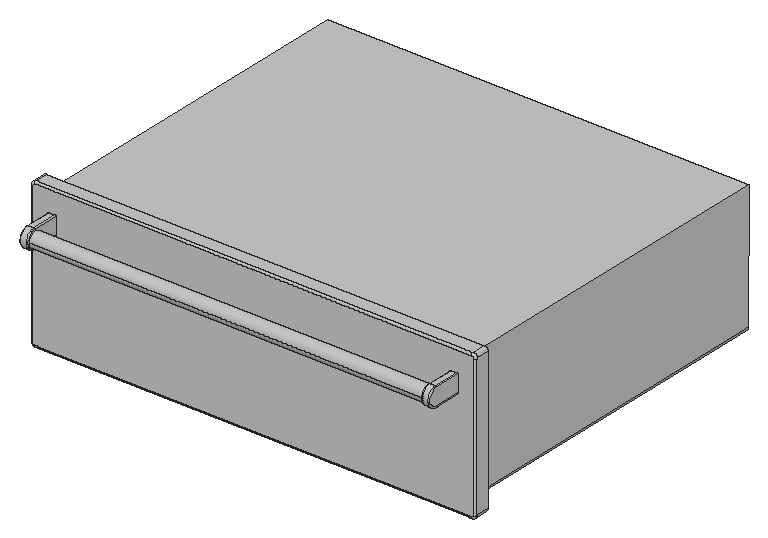
Revit family "M_Gaveta de aquecimento", category Equipamento especial, Revit 2019
Family settings
  Cota do conector redondo = Utilizar diâmetro
  Tipo de parte = Normal
  Número OmniClass = 23.40.40.14
  Título OmniClass = Food Service Equipment
  Com base no plano de trabalho = Não
  Sempre na vertical = Sim
  Corte com vazios quando carregada = Não
  Compartilhado = Não
  Ponto de cálculo do ambiente = Não
Parameters (values of type "750mm")
  Largura = 750 mm
  Embutido = 0 mm
  Voltagem = 120 V
  Type Comments = ""
  Mostrar legenda = yes
  Consumo de energia = 1000 VA
  Legenda = "Aquecimento"
  Altura = 250 mm
  Descrição = "Gaveta de aquecimento"
  Linear = 600 mm
  Código de montagem = "E1090320"
  Acabamento do eletrodoméstico = Eletrodoméstico – Aço inoxidável
  Corpo do eletrodoméstico = Eletrodoméstico – Aço inoxidável
  Amperagem = Consumo de energia / Voltagem  # 8.33333 A
Types (2, lengths in mm): name | Largura
  900mm | 900
  750mm | 750
Reference planes
  plane 1 "Face do armário": y = 0
  plane 2: z = 0
  plane 3 "Centro (Esquerda/Direita)": x = 0
  plane 4 "Esquerda": x = -375
  plane 5 "Direita": x = 375
  plane 6 "Parte posterior": y = 574.6
  plane 7 "Frente da unidade": y = -25.4
  plane 8 "Traseira da porta": y = 0
  plane 9 "Superior": z = 250
  plane 10: z = 196.025
Forms (mm)
  Extrusion 1, solid, material "Eletrodoméstico – Aço inoxidável" <- "Acabamento do eletrodoméstico"
    sketch origin (0, -25.4, 0) x (-1, 0, 0) y (0, 0, 1)
      loop
        line (368.65, 250) -> (-368.65, 250)
        arc (-368.65, 250) -> (-373.14, 248.14) -> (-375, 243.65) r 6.35
        line (-375, 243.65) -> (-375, 6.35)
        arc (-375, 6.35) -> (-373.14, 1.86) -> (-368.65, 0) r 6.35
        line (-368.65, 0) -> (368.65, 0)
        arc (368.65, 0) -> (373.14, 1.86) -> (375, 6.35) r 6.35
        line (375, 6.35) -> (375, 243.65)
        arc (375, 243.65) -> (373.14, 248.14) -> (368.65, 250) r 6.35
    from 0 to 25.4
  Sweep 2, void
    path in 3D
      loop
        arc (368.65, -25.4, 0) -> (373.14, -25.4, 1.86) -> (375, -25.4, 6.35) r 6.35
        line (375, -25.4, 6.35) -> (375, -25.4, 243.65)
        arc (375, -25.4, 243.65) -> (373.14, -25.4, 248.14) -> (368.65, -25.4, 250) r 6.35
        line (368.65, -25.4, 250) -> (-368.65, -25.4, 250)
        arc (-368.65, -25.4, 250) -> (-373.14, -25.4, 248.14) -> (-375, -25.4, 243.65) r 6.35
        line (-375, -25.4, 243.65) -> (-375, -25.4, 6.35)
        arc (-375, -25.4, 6.35) -> (-373.14, -25.4, 1.86) -> (-368.65, -25.4, 0) r 6.35
        line (-368.65, -25.4, 0) -> (368.65, -25.4, 0)
    profile "M_Redondo : 3mm" origin (0, -25.4, 0) x (0, -1, 0) y (0, 0, -1)
      loop
        line (0, 0) -> (-3, 0)
        arc (-3, 0) -> (-0.879, -0.879) -> (0, -3) r 3
        line (0, -3) -> (0, 0)
  Extrusion 3, solid, material "Eletrodoméstico – Aço inoxidável" <- "Corpo do eletrodoméstico"
    sketch origin (0, 0, 0) x (-1, 0, 0) y (0, 0, 1)
      loop
        line (354.464, 235.713) -> (-354.464, 235.713) -> (-354.464, 20.637)
        arc (-354.464, 20.637) -> (-352.604, 16.147) -> (-348.114, 14.287) r 6.35
        line (-348.114, 14.287) -> (348.114, 14.287)
        arc (348.114, 14.287) -> (352.604, 16.147) -> (354.464, 20.637) r 6.35
        line (354.464, 20.637) -> (354.464, 235.713)
    from 0 to 574.6
Cuts and joins
  Sweep 2 cuts Extrusion 1
Lines and regions (mm)
  Masking region 1
    outline origin (0, 0, 0) x (1, 0, 0) y (0, 1, 0)
      loop
        line (375, 0) -> (-375, 0) -> (-375, -25.4) -> (375, -25.4) -> (375, 0)
  Split face 1
    outline origin (0, 574.6, 0) x (-1, 0, 0) y (0, 0, 1)
      loop
        circle (0, 65.228) r 12.7
  symbolic lines, style "Eletrodomésticos"
    curve 1: line (-375, 0, 0) -> (-375, -25.4, 0)
    curve 2: line (375, -25.4, 0) -> (-375, -25.4, 0)
    curve 3: line (375, -25.4, 0) -> (375, 0, 0)
  sketch lines
    curve 4: line (-368.65, -25.4, 0) -> (368.65, -25.4, 0)
    curve 5: arc (375, -25.4, 6.35) -> (373.14, -25.4, 1.86) -> (368.65, -25.4, 0) r 6.35
    curve 6: arc (-368.65, -25.4, 0) -> (-373.14, -25.4, 1.86) -> (-375, -25.4, 6.35) r 6.35
    curve 7: line (-375, -25.4, 243.65) -> (-375, -25.4, 6.35)
    curve 8: arc (-375, -25.4, 243.65) -> (-373.14, -25.4, 248.14) -> (-368.65, -25.4, 250) r 6.35
    curve 9: line (368.65, -25.4, 250) -> (-368.65, -25.4, 250)
    curve 10: arc (368.65, -25.4, 250) -> (373.14, -25.4, 248.14) -> (375, -25.4, 243.65) r 6.35
    curve 11: line (375, -25.4, 6.35) -> (375, -25.4, 243.65)
  symbolic lines, style "Eletrodomésticos – Ocultos"
    curve 12: line (-354.464, 0, 0) -> (-354.464, 574.6, 0)
    curve 13: line (-354.464, 574.6, 0) -> (354.464, 574.6, 0)
    curve 14: line (354.464, 574.6, 0) -> (354.464, 0, 0)
Dimensions and locks
  equal spacing: plane 4 "Esquerda", plane 3 "Centro (Esquerda/Direita)", plane 5 "Direita"
  "Largura": plane 4 "Esquerda" to plane 5 "Direita"
  "Linear": plane 6 "Parte posterior" to plane 7 "Frente da unidade"
  "Altura": plane 9 "Superior" to level
  locked: plane 8 "Traseira da porta" to plane 7 "Frente da unidade" at 25.4
  "Embutido": plane 1 "Face do armário" to plane 8 "Traseira da porta"
  locked: plane 9 "Superior" to Extrusion 3 sketch curve at 14.288
  locked: Extrusion 3 sketch curve to plane 4 "Esquerda" at 20.536
  locked: plane 5 "Direita" to Extrusion 3 sketch curve at 20.536
  locked: level to Extrusion 3 sketch curve at 14.288
  locked: plane 9 "Superior" to plane 10 at 53.975
  equal spacing: plane 6 "Parte posterior", nested 1, plane 1 "Face do armário"
  radius of Extrusion 3 sketch curve = 6.35 mm  (x2)
  aligned and locked: plane 2 to level
  aligned and locked: plane 3 "Centro (Esquerda/Direita)" to nested 1
  aligned and locked: plane 9 "Superior" to Extrusion 1 sketch curve
  aligned and locked: plane 8 "Traseira da porta" to Extrusion 1
  aligned and locked: plane 4 "Esquerda" to Extrusion 1 sketch curve
  aligned and locked: Extrusion 1 sketch curve to plane 5 "Direita"
  aligned and locked: nested 2 to plane 7 "Frente da unidade"
  aligned and locked: plane 3 "Centro (Esquerda/Direita)" to nested 2
  aligned and locked: plane 6 "Parte posterior" to Extrusion 3
  aligned and locked: plane 8 "Traseira da porta" to Masking region 1 sketch curve
  aligned and locked: plane 7 "Frente da unidade" to Masking region 1 sketch curve
  aligned and locked: plane 5 "Direita" to Masking region 1 sketch curve
  aligned and locked: plane 4 "Esquerda" to Masking region 1 sketch curve
  aligned and locked: Extrusion 1 sketch curve to level
  aligned and locked: plane 10 to nested 2
  aligned and locked: plane 3 "Centro (Esquerda/Direita)" to Split face 1 sketch curve
  aligned and locked: plane 8 "Traseira da porta" to curve 3
  aligned and locked: plane 7 "Frente da unidade" to curve 3
  aligned and locked: plane 8 "Traseira da porta" to curve 1
  aligned and locked: plane 7 "Frente da unidade" to curve 1
Automatic sketch dimensions
  Extrusion 1 sketch curve to plane 5 "Direita" = 6.35 mm
  level to Extrusion 1 sketch curve = 6.35 mm  (x2)
  plane 4 "Esquerda" to Extrusion 1 sketch curve = 6.35 mm
  Split face 1 sketch curve to Extrusion 3 = 50.94 mm
  curve 2 to plane 4 "Esquerda" = 0 mm
  curve 13 to plane 6 "Parte posterior" = 0 mm
  curve 12 to plane 8 "Traseira da porta" = 0 mm
  curve 14 to plane 8 "Traseira da porta" = 0 mm
  curve 2 to plane 5 "Direita" = 0 mm
  plane 4 "Esquerda" to curve 13 = 20.536 mm
  curve 14 to plane 5 "Direita" = 20.536 mm
  radius of Split face 1 sketch curve = 12.7 mm
Nested families
  nested 1: "Anotação de legenda de 2,5" at (0, 287.3, 0), visible <- "Mostrar legenda", type "Anotação de legenda de 2,5"
  nested 2: "M_Puxador" at (0, -25.4, 196.025), Concluir <- "Acabamento do eletrodoméstico", Largura da unidade <- "Largura", type "M_Puxador"
    with Largura da unidade 750 mm, Concluir Eletrodoméstico – Aço inoxidável
Connectors
  electrical at (0, 574.6, 65.228), driven by "Voltagem", driven by "Consumo de energia"
    settings: on Extrusion 3, index 1, voltage 120 V, apparent load 1000 VA, apparent load phase1 0 VA, apparent load phase2 0 VA, apparent load phase3 0 VA, power factor 1, load classification "Eletrodoméstico", number of poles 1, system type 30, power factor state 1, is connector primary yes, connector utility no, sub classification motor no, connector description "Potência de aquecimento da gaveta"
Definition of nested family "M_Puxador"
  Parameters (values of type "Puxador")
    Largura da unidade [instance] = 900 mm
    Projeção do puxador = 45 mm
    Deslocamento do puxador B = 30 mm
    Deslocamento do puxador A = 30 mm
    Concluir [instance] = none
  Reference planes
    plane 1 "Centro (Frente/Trás)": y = 0
    plane 2: z = 0
    plane 3 "Centro (Esquerda/Direita)": x = 0
    plane 4 "Superfície A": x = -450
    plane 5 "Superfície B": x = 450
    plane 6 "Puxador A": x = -420
    plane 7 "Puxador B": x = 420
    plane 8: y = -45
  Forms (mm)
    Extrusion 1, solid, material <- "Concluir", detail levels fine
      sketch origin (0, 0, 0) x (0, 1, 0) y (0, 0, 1)
        loop
          circle (-45, 0) r 12.7
      from -420 to 420
    Extrusion 2, solid, material <- "Concluir", detail levels fine
      sketch origin (-420, 0, 0) x (0, 0, 1) y (0, -1, 0)
        loop
          line (14.288, 0) -> (14.288, 45)
          arc (14.288, 45) -> (0, 59.288) -> (-14.287, 45) r 14.288
          line (-14.287, 45) -> (-14.287, 0) -> (14.288, 0)
      from 0 to 12.7
    Extrusion 3, solid, material <- "Concluir", detail levels fine
      sketch origin (420, 0, 0) x (0, 0, 1) y (0, -1, 0)
        loop
          line (-14.287, 0) -> (14.287, 0) -> (14.287, 45)
          arc (14.287, 45) -> (0, 59.287) -> (-14.287, 45) r 14.288
          line (-14.287, 45) -> (-14.287, 0)
      from 0 to -12.7
    Sweep 4, solid, material <- "Concluir", detail levels fine
      path in 3D
        loop
          line (-420, 0, -14.287) -> (-420, -45, -14.287)
          arc (-420, -45, -14.287) -> (-420, -59.288, 0) -> (-420, -45, 14.288) r 14.288
          line (-420, -45, 14.288) -> (-420, 0, 14.288)
      profile origin (-420, -22.5, 14.288) x (-1, 0, 0) y (0, 0, 1)
        loop
          arc (0, 0) -> (-0.465, 1.123) -> (-1.588, 1.588) r 1.587
          line (-1.588, 1.588) -> (-11.113, 1.588)
          arc (-11.113, 1.588) -> (-12.235, 1.123) -> (-12.7, 0) r 1.587
          line (-12.7, 0) -> (0, 0)
    Sweep 5, solid, material <- "Concluir", detail levels fine
      path in 3D
        loop
          line (420, 0, 14.287) -> (420, -45, 14.287)
          arc (420, -45, 14.287) -> (420, -59.287, 0) -> (420, -45, -14.288) r 14.288
          line (420, -45, -14.288) -> (420, 0, -14.287)
      profile origin (420, -22.5, 14.287) x (1, 0, 0) y (0, 0, 1)
        loop
          arc (0, 0) -> (-0.465, 1.123) -> (-1.588, 1.588) r 1.587
          line (-1.588, 1.588) -> (-11.113, 1.587)
          arc (-11.113, 1.587) -> (-12.235, 1.123) -> (-12.7, 0) r 1.587
          line (-12.7, 0) -> (0, 0)
  Cuts and joins
    joined: Extrusion 1, Extrusion 2, Extrusion 3, Sweep 4, Sweep 5
  Lines and regions (mm)
    Masking region 1, detail levels fine
      outline origin (0, 0, 0) x (1, 0, 0) y (0, 1, 0)
        loop
          line (-420, -57.7) -> (420, -57.7) -> (420, 0) -> (407.3, 0) -> (407.3, -32.3) -> (-407.3, -32.3) -> (-407.3, 0) -> (-420, 0) -> (-420, -57.7)
    sketch lines
      curve 1: line (-420, -45, 14.288) -> (-420, 0, 14.288)
      curve 2: arc (-420, -45, 14.288) -> (-420, -59.288, 0) -> (-420, -45, -14.287) r 14.288
      curve 3: line (-420, 0, -14.287) -> (-420, -45, -14.287)
      curve 4: line (420, 0, 14.287) -> (420, -45, 14.287)
      curve 5: arc (420, -45, -14.288) -> (420, -59.287, 0) -> (420, -45, 14.287) r 14.288
      curve 6: line (420, -45, -14.288) -> (420, 0, -14.287)
    symbolic lines, detail levels fine
      curve 7: line (-420, 0, 0) -> (-407.3, 0, 0)
      curve 8: line (-420, -57.7, 0) -> (-420, 0, 0)
      curve 9: line (420, -57.7, 0) -> (-420, -57.7, 0)
      curve 10: line (-407.3, 0, 0) -> (-407.3, -57.7, 0)
      curve 11: line (420, 0, 0) -> (407.3, 0, 0)
      curve 12: line (420, -57.7, 0) -> (420, 0, 0)
      curve 13: line (407.3, 0, 0) -> (407.3, -57.7, 0)
      curve 14: line (-407.3, -32.3, 0) -> (407.3, -32.3, 0)
  Dimensions and locks
    "Largura da unidade": plane 5 "Superfície B" to plane 4 "Superfície A"
    equal spacing: plane 5 "Superfície B", plane 3 "Centro (Esquerda/Direita)", plane 4 "Superfície A"
    "Deslocamento do puxador A": plane 6 "Puxador A" to plane 4 "Superfície A"
    "Deslocamento do puxador B": plane 5 "Superfície B" to plane 7 "Puxador B"
    "Projeção do puxador": plane 1 "Centro (Frente/Trás)" to plane 8
    Extrusion 2 sketch curve to level = 14.288 mm
    level to Extrusion 3 sketch curve = 14.288 mm
    curve 14 to plane 8 to curve 9 = 12.7 mm locked, 12.7 mm locked
    aligned and locked: level to plane 2
    aligned and locked: level to Extrusion 1 sketch curve
    aligned and locked: plane 7 "Puxador B" to Extrusion 1
    aligned and locked: Extrusion 1 to plane 6 "Puxador A"
    aligned and locked: plane 8 to Extrusion 1 sketch curve
    aligned and locked: Extrusion 2 sketch curve to plane 1 "Centro (Frente/Trás)"
    aligned and locked: Extrusion 3 sketch curve to plane 1 "Centro (Frente/Trás)"
    aligned and locked: level to Extrusion 2 sketch curve
    aligned and locked: plane 8 to Extrusion 2 sketch curve
    aligned and locked: Sweep 4 sketch curve to profile plane
    aligned and locked: level to Extrusion 3 sketch curve
    aligned and locked: profile plane to Sweep 5 sketch curve
    aligned and locked: cut or joined group of Extrusion 1, Extrusion 2, Extrusion 3, Sweep 4, Sweep 5 to plane 1 "Centro (Frente/Trás)"
    aligned and locked: Masking region 1 sketch curve to curve 8
    aligned and locked: Masking region 1 sketch curve to cut or joined group of Extrusion 1, Extrusion 2, Extrusion 3, Sweep 4, Sweep 5  (x2)
    aligned and locked: Masking region 1 sketch curve to curve 9
    aligned and locked: Masking region 1 sketch curve to curve 14
    aligned and locked: Masking region 1 sketch curve to curve 12
    aligned and locked: Masking region 1 sketch curve to curve 13
    aligned and locked: Masking region 1 sketch curve to curve 10
  Automatic sketch dimensions
    Sweep 4 sketch curve to profile plane = 0 mm
    Sweep 4 sketch curve to Sweep 4 sketch curve = 9.525 mm
    Sweep 4 sketch curve to Sweep 4 sketch curve = 1.587 mm
    Extrusion 3 sketch curve to plane 8 = 0 mm
    profile plane to Sweep 5 sketch curve = 0 mm
    Sweep 5 sketch curve to Sweep 5 sketch curve = 9.525 mm
    Sweep 5 sketch curve to Sweep 5 sketch curve = 1.587 mm
    plane 1 "Centro (Frente/Trás)" to curve 11 = 0 mm
    plane 1 "Centro (Frente/Trás)" to curve 8 = 0 mm
    curve 8 to plane 6 "Puxador A" = 0 mm
    curve 12 to plane 7 "Puxador B" = 0 mm
    plane 6 "Puxador A" to curve 10 = 12.7 mm
    curve 11 to plane 7 "Puxador B" = 12.7 mm
    radius of Extrusion 1 sketch curve = 12.7 mm
Definition of nested family "Anotação de legenda de 2,5"
  Parameters
    Legenda = "Congelador 36 LH"
  Reference planes
    plane 1: y = 0
    plane 2: x = 0
  Text (mm)
    label "Legenda" at (0.095, -0.088, 0), shows "Legenda"
